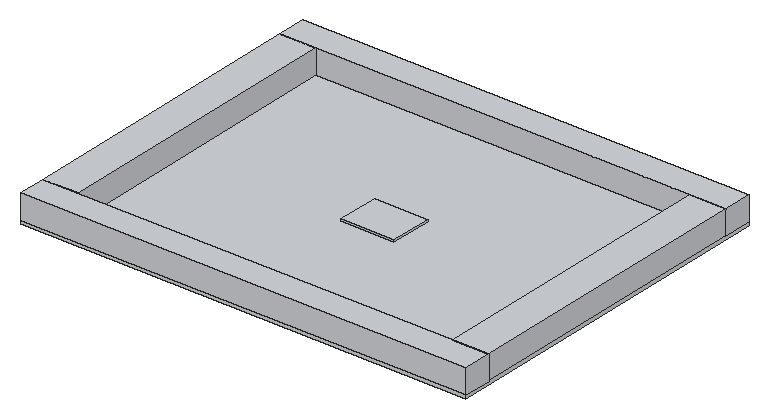
Revit family "GIS_OilContainment", category Modelos genéricos, Revit 2027
Family settings
  Pode hospedar o vergalhão = Não
  Cota do conector redondo = Utilizar diâmetro
  Tipo de parte = Normal
  Com base no plano de trabalho = Não
  Sempre na vertical = Sim
  Corte com vazios quando carregada = Não
  Manter orientação da anotação = Não
  Compartilhado = Não
  Ponto de cálculo do ambiente = Não
Parameters (values of type "OIL_CONTAINMENT_STUDY")
  Elevação padrão = 0 mm
  BIM_TensaoSecundaria_kV = 0
  BIM_TensaoNominal_kV = 0
  BIM_TensaoClasse_kV = 0
  BIM_TensaoClasseSecundaria_kV = 0
  BIM_TensaoAuxiliarCA_kV = 0
  BIM_Sistema_Elemento [instance] = ""
  BIM_ReferenciaCatalogo = "Portfolio estimate; oil volume and drainage study pending"
  BIM_Profundidade = 6500 mm
  BIM_Potencia_MVA = 0
  BIM_Localizacao [instance] = ""
  BIM_Largura = 8200 mm
  BIM_Impedancia_pu = 0
  BIM_FonteGeometria = "Portfolio estimate; oil volume and drainage study pending"
  BIM_Fabricante = "NAO SELECIONADO"
  BIM_EstadoGeometria = "ESTIMATED"
  BIM_EstadoEspecificacao = "PREMISSA / NAO SELECIONADO"
  BIM_DescricaoEstudo = "Contencao conceitual de oleo; capacidade e drenagem nao dimensionadas."
  BIM_CorrenteReferenciaSecundaria_A = 0
  BIM_CorrenteNominal_A = 0
  BIM_Bay [instance] = ""
  BIM_AlturaCorpoPrincipal = 55 mm
  BIM_Altura = 550 mm
Reference planes
  plane 1 "Centro (Frente/Trás)": y = 0
  plane 2: z = 0
  plane 3 "Centro (Esquerda/Direita)": x = 0
  plane 4 "BIM Left": x = -4100
  plane 5 "BIM Right": x = 4100
  plane 6 "BIM Front": y = -3250
  plane 7 "BIM Back": y = 3250
Forms (mm)
  Extrusion 1, solid
    sketch origin (0, 0, 0) x (1, 0, 0) y (0, 1, 0)
      loop
        line (-4100, -3250) -> (4100, -3250) -> (4100, 3250) -> (-4100, 3250) -> (-4100, -3250)
    from 0 to 55 <- "BIM_AlturaCorpoPrincipal"
  Extrusion 2, solid
    sketch origin (0, 0, 55) x (1, 0, 0) y (0, 1, 0)
      loop
        line (-4100, -3250) -> (4100, -3250) -> (4100, -2730) -> (-4100, -2730) -> (-4100, -3250)
    from 0 to 451
  Extrusion 3, solid
    sketch origin (0, 0, 55) x (1, 0, 0) y (0, 1, 0)
      loop
        line (-4100, 2730) -> (4100, 2730) -> (4100, 3250) -> (-4100, 3250) -> (-4100, 2730)
    from 0 to 451
  Extrusion 4, solid
    sketch origin (0, 0, 55) x (1, 0, 0) y (0, 1, 0)
      loop
        line (-4100, -2730) -> (-3444, -2730) -> (-3444, 2730) -> (-4100, 2730) -> (-4100, -2730)
    from 0 to 451
  Extrusion 5, solid
    sketch origin (0, 0, 55) x (1, 0, 0) y (0, 1, 0)
      loop
        line (3444, -2730) -> (4100, -2730) -> (4100, 2730) -> (3444, 2730) -> (3444, -2730)
    from 0 to 451
  Extrusion 6, solid
    sketch origin (0, 0, 55) x (1, 0, 0) y (0, 1, 0)
      loop
        line (-492, -390) -> (492, -390) -> (492, 390) -> (-492, 390) -> (-492, -390)
    from 0 to 33
Dimensions and locks
  "BIM_Largura": plane 4 "BIM Left" to plane 5 "BIM Right"
  "BIM_Profundidade": plane 6 "BIM Front" to plane 7 "BIM Back"
  aligned and locked: level to plane 2
  aligned and locked: plane 4 "BIM Left" to Extrusion 1
  aligned and locked: Extrusion 1 to plane 5 "BIM Right"
  aligned and locked: Extrusion 1 to plane 6 "BIM Front"
  aligned and locked: plane 7 "BIM Back" to Extrusion 1
Automatic sketch dimensions
  Extrusion 1 sketch curve to plane 4 "BIM Left" = 0 mm
  Extrusion 1 sketch curve to plane 5 "BIM Right" = 0 mm
  Extrusion 1 sketch curve to plane 6 "BIM Front" = 0 mm
  Extrusion 1 sketch curve to plane 7 "BIM Back" = 0 mm
  Extrusion 2 sketch curve to plane 4 "BIM Left" = 0 mm
  Extrusion 2 sketch curve to plane 5 "BIM Right" = 0 mm
  Extrusion 2 sketch curve to plane 6 "BIM Front" = 0 mm
  plane 6 "BIM Front" to Extrusion 2 sketch curve = 520 mm
  Extrusion 3 sketch curve to plane 4 "BIM Left" = 0 mm
  Extrusion 3 sketch curve to plane 5 "BIM Right" = 0 mm
  Extrusion 3 sketch curve to plane 7 "BIM Back" = 0 mm
  Extrusion 3 sketch curve to plane 7 "BIM Back" = 520 mm
  Extrusion 4 sketch curve to plane 4 "BIM Left" = 0 mm
  Extrusion 4 sketch curve to plane 4 "BIM Left" = 656 mm
  plane 6 "BIM Front" to Extrusion 4 sketch curve = 520 mm
  Extrusion 4 sketch curve to plane 7 "BIM Back" = 520 mm
  Extrusion 5 sketch curve to plane 5 "BIM Right" = 0 mm
  plane 5 "BIM Right" to Extrusion 5 sketch curve = 656 mm
  plane 6 "BIM Front" to Extrusion 5 sketch curve = 520 mm
  Extrusion 5 sketch curve to plane 7 "BIM Back" = 520 mm
  Extrusion 6 sketch curve to plane 3 "Centro (Esquerda/Direita)" = 492 mm
  plane 3 "Centro (Esquerda/Direita)" to Extrusion 6 sketch curve = 492 mm
  plane 1 "Centro (Frente/Trás)" to Extrusion 6 sketch curve = 390 mm
  Extrusion 6 sketch curve to plane 1 "Centro (Frente/Trás)" = 390 mm
